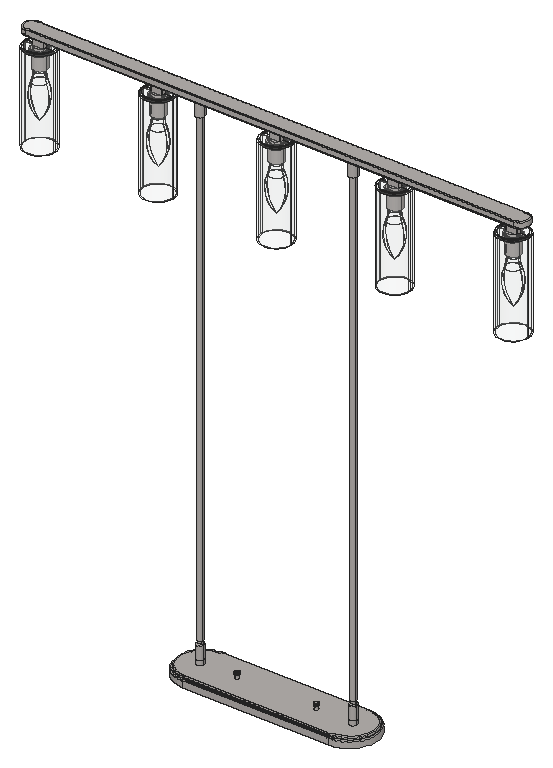
Revit family "Light_Fixture-Chandelier-KOHLER-Crue-K-35877_1", category Lighting Fixtures, host Face, Revit 2024 (continued)
Definition of nested family "K-35877_Tube"
  Automatic sketch dimensions
    curve 199 to plane 1 "Light Source Axis (F/B)" = 0.29416"
    plane 6 to curve 202 = 0.19685"
    curve 200 to curve 202 = 0.1378"
    curve 201 to curve 200 = 0.05906"
    curve 198 to curve 197 = 0.03139"
    curve 191 to plane 15 = 1.33661"
    curve 203 to plane 10 = 0"
    curve 1 to plane 8 = 0"
    curve 2 to plane 8 = 0"
    curve 3 to plane 8 = 0"
    curve 4 to plane 8 = 0"
    plane 11 to curve 203 = 0"
    curve 9 to plane 9 = 0.15464"
    plane 10 to curve 9 = 2.02756"
    curve 190 to plane 9 = 0.43405"
    plane 11 to curve 190 = 2.0374"
    curve 10 to curve 9 = 0.3077"
    curve 7 to plane 9 = 0.15464"
    plane 10 to curve 5 = 0.14003"
    curve 204 to plane 8 = 0.05906"
    curve 5 to curve 204 = 0.0548"
    curve 1 to curve 10 = 0.29528"
    plane 10 to curve 11 = 1.7815"
    curve 8 to plane 9 = 0.03937"
    curve 8 to curve 9 = 0.24606"
    curve 8 to curve 10 = 0.05906"
    curve 9 to curve 9 = 0.18701"
    curve 8 to curve 9 = 0"
    curve 11 to curve 11 = 0.49213"
    curve 1 to curve 1 = 0.59055"
    curve 1 to curve 2 = 2.85644"
    curve 2 to curve 2 = 0.28838"
    plane 3 "Light Source Axis (L/R)" to curve 3 = 3.41781"
    curve 3 to curve 3 = 0.25421"
    curve 4 to curve 190 = 0.28543"
    plane 11 to curve 205 = 2.27362"
    curve 6 to plane 9 = 0.03937"
    curve 6 to curve 7 = 0.17717"
    curve 6 to curve 190 = 0"
    curve 7 to curve 7 = 0.19685"
    curve 6 to curve 7 = 0"
    curve 205 to curve 205 = 0.49213"
    curve 4 to curve 4 = 0.59055"
    plane 11 to curve 204 = 0.19483"
    curve 204 to curve 5 = 0.03149"
    curve 5 to curve 204 = 0.1378"
    curve 203 to curve 5 = 0.05906"
    curve 11 to plane 15 = 1.33661"
    curve 205 to plane 15 = 1.33661"
    plane 6 to Sweep 1 sketch curve = 0"
    Sweep 1 sketch curve to plane 7 = 0"
    plane 10 to Sweep 1 sketch curve = 2.36255"
    plane 11 to Sweep 1 sketch curve = 2.36302"
    Sweep 1 sketch curve to profile plane = 0"
    Sweep 1 sketch curve to profile plane = 0.05906"
    Sweep 1 sketch curve to Sweep 1 sketch curve = 0.1378"  (x2)
    Sweep 1 sketch curve to Sweep 1 sketch curve = 0.05906"
    Sweep 1 sketch curve to profile plane = 0.4771"
    Sweep 1 sketch curve to level = 1.24772"
    Sweep 1 sketch curve to Sweep 1 sketch curve = 0.5315"
    plane 1 "Light Source Axis (F/B)" to Extrusion 2 sketch curve = 0"
    plane 7 to Extrusion 2 sketch curve = 0.4771"
    plane 10 to Extrusion 2 sketch curve = 2.36255"
    plane 11 to Extrusion 2 sketch curve = 2.36302"
    Revolve 3 sketch curve to plane 8 = 0"
    Revolve 3 sketch curve to level = 0.07449"
    plane 10 to Revolve 3 sketch curve = 1.73228"
    Revolve 3 sketch curve to plane 9 = 0.25708"
    Revolve 3 sketch curve to Revolve 3 sketch curve = 0"
    Revolve 3 sketch curve to Revolve 3 sketch curve = 0.04921"
    Revolve 3 sketch curve to Revolve 3 sketch curve = 0.09836"
    Revolve 3 sketch curve to Revolve 3 sketch curve = 0.19692"  (x2)
    Revolve 3 sketch curve to Revolve 3 sketch curve = 0.03139"
    Revolve 3 sketch curve to Revolve 3 sketch curve = 0.17105"
    plane 9 to Revolve 3 sketch curve = 0.16243"
    plane 1 "Light Source Axis (F/B)" to Extrusion 4 sketch curve = 0.18701"
    Extrusion 4 sketch curve to plane 1 "Light Source Axis (F/B)" = 0.18701"
    Extrusion 4 sketch curve to plane 9 = 0.4696"
    Extrusion 4 sketch curve to plane 9 = 0.10874"
    Revolve 5 sketch curve to plane 15 = 0"
    plane 10 to Revolve 5 sketch curve = 1.63386"
    Revolve 5 sketch curve to Revolve 5 sketch curve = 0.14764"
    Revolve 5 sketch curve to Revolve 5 sketch curve = 0.05433"
    Revolve 5 sketch curve to Revolve 5 sketch curve = 0.19173"  (x2)
    Revolve 5 sketch curve to plane 15 = 1.33661"
    plane 9 to Revolve 5 sketch curve = 0.11944"
    Revolve 5 sketch curve to plane 9 = 0.4696"
    plane 9 to Revolve 5 sketch curve = 0.03268"
    Revolve 5 sketch curve to plane 9 = 0.07295"
    Revolve 6 sketch curve to plane 1 "Light Source Axis (F/B)" = 0"  (x2)
    Revolve 6 sketch curve to plane 8 = 0"
    Revolve 6 sketch curve to Revolve 6 sketch curve = 0.134"
    level to Revolve 6 sketch curve = 0.01161"
    Revolve 6 sketch curve to Revolve 6 sketch curve = 0.19631"
    Revolve 6 sketch curve to plane 14 = 0.01607"
    Revolve 6 sketch curve to Revolve 6 sketch curve = 0.2849"
    plane 8 to Revolve 6 sketch curve = 0.01728"
    Revolve 6 sketch curve to level = 0.11889"
    Revolve 6 sketch curve to plane 14 = 0.11431"
    Revolve 6 sketch curve to Revolve 6 sketch curve = 0.08269"
    Extrusion 7 sketch curve to plane 1 "Light Source Axis (F/B)" = 0.19594"
    Extrusion 7 sketch curve to plane 3 "Light Source Axis (L/R)" = 3.54355"
    Extrusion 7 sketch curve to plane 1 "Light Source Axis (F/B)" = 0.16744"
    Extrusion 7 sketch curve to Extrusion 7 sketch curve = 0.01207"
    Extrusion 7 sketch curve to Extrusion 7 sketch curve = 0.02414"
    Extrusion 7 sketch curve to Extrusion 7 sketch curve = 0"
    Extrusion 7 sketch curve to Extrusion 7 sketch curve = 0.057"
    Extrusion 8 sketch curve to plane 1 "Light Source Axis (F/B)" = 0.19167"
    Extrusion 8 sketch curve to plane 3 "Light Source Axis (L/R)" = 3.48907"
    Extrusion 8 sketch curve to Extrusion 8 sketch curve = 0.01207"
    Extrusion 8 sketch curve to Extrusion 8 sketch curve = 0.02414"
    Extrusion 8 sketch curve to Extrusion 8 sketch curve = 0"
    Extrusion 8 sketch curve to Extrusion 8 sketch curve = 0.0285"
    Extrusion 8 sketch curve to Extrusion 8 sketch curve = 0.057"
    Extrusion 9 sketch curve to plane 1 "Light Source Axis (F/B)" = 0.17471"
    Extrusion 9 sketch curve to plane 3 "Light Source Axis (L/R)" = 3.44197"
    Extrusion 9 sketch curve to Extrusion 9 sketch curve = 0.01207"
    Extrusion 9 sketch curve to Extrusion 9 sketch curve = 0.02414"
    Extrusion 9 sketch curve to Extrusion 9 sketch curve = 0"
    Extrusion 9 sketch curve to Extrusion 9 sketch curve = 0.0285"
    Extrusion 9 sketch curve to Extrusion 9 sketch curve = 0.057"
    Extrusion 10 sketch curve to plane 1 "Light Source Axis (F/B)" = 0.14327"
    Extrusion 10 sketch curve to plane 3 "Light Source Axis (L/R)" = 3.39728"
    Extrusion 10 sketch curve to Extrusion 10 sketch curve = 0.01207"
    Extrusion 10 sketch curve to Extrusion 10 sketch curve = 0.02414"
    Extrusion 10 sketch curve to Extrusion 10 sketch curve = 0"
    Extrusion 10 sketch curve to Extrusion 10 sketch curve = 0.0285"
    Extrusion 10 sketch curve to Extrusion 10 sketch curve = 0.057"
    Extrusion 11 sketch curve to plane 1 "Light Source Axis (F/B)" = 0.10502"
    Extrusion 11 sketch curve to plane 3 "Light Source Axis (L/R)" = 3.36562"
    Extrusion 11 sketch curve to Extrusion 11 sketch curve = 0.01207"
    Extrusion 11 sketch curve to Extrusion 11 sketch curve = 0.02414"
    Extrusion 11 sketch curve to Extrusion 11 sketch curve = 0"
    Extrusion 11 sketch curve to Extrusion 11 sketch curve = 0.0285"
    Extrusion 11 sketch curve to Extrusion 11 sketch curve = 0.057"
    Extrusion 12 sketch curve to plane 1 "Light Source Axis (F/B)" = 0.05524"
    Extrusion 12 sketch curve to plane 3 "Light Source Axis (L/R)" = 3.3431"
    Extrusion 12 sketch curve to Extrusion 12 sketch curve = 0.01207"
    Extrusion 12 sketch curve to Extrusion 12 sketch curve = 0.02414"
    Extrusion 12 sketch curve to Extrusion 12 sketch curve = 0"
    Extrusion 12 sketch curve to Extrusion 12 sketch curve = 0.0285"
    Extrusion 12 sketch curve to Extrusion 12 sketch curve = 0.057"
    Extrusion 13 sketch curve to plane 1 "Light Source Axis (F/B)" = 0.00579"
    Extrusion 13 sketch curve to plane 3 "Light Source Axis (L/R)" = 3.33525"
    Extrusion 13 sketch curve to Extrusion 13 sketch curve = 0.01207"
    Extrusion 13 sketch curve to Extrusion 13 sketch curve = 0.02414"
    Extrusion 13 sketch curve to Extrusion 13 sketch curve = 0"
    Extrusion 13 sketch curve to Extrusion 13 sketch curve = 0.0285"
    Extrusion 13 sketch curve to Extrusion 13 sketch curve = 0.057"
    plane 1 "Light Source Axis (F/B)" to Extrusion 14 sketch curve = 0.04852"
    Extrusion 14 sketch curve to plane 3 "Light Source Axis (L/R)" = 3.34126"
    Extrusion 14 sketch curve to Extrusion 14 sketch curve = 0.01207"
    Extrusion 14 sketch curve to Extrusion 14 sketch curve = 0.02414"
    Extrusion 14 sketch curve to Extrusion 14 sketch curve = 0"
    Extrusion 14 sketch curve to Extrusion 14 sketch curve = 0.0285"
    Extrusion 14 sketch curve to Extrusion 14 sketch curve = 0.057"
    plane 1 "Light Source Axis (F/B)" to Extrusion 15 sketch curve = 0.10617"
    Extrusion 15 sketch curve to plane 3 "Light Source Axis (L/R)" = 3.36636"
    Extrusion 15 sketch curve to Extrusion 15 sketch curve = 0.01207"
    Extrusion 15 sketch curve to Extrusion 15 sketch curve = 0.02414"
    Extrusion 15 sketch curve to Extrusion 15 sketch curve = 0"
    Extrusion 15 sketch curve to Extrusion 15 sketch curve = 0.0285"
    Extrusion 15 sketch curve to Extrusion 15 sketch curve = 0.057"
    plane 1 "Light Source Axis (F/B)" to Extrusion 16 sketch curve = 0.14757"
    Extrusion 16 sketch curve to plane 3 "Light Source Axis (L/R)" = 3.40202"
    Extrusion 16 sketch curve to Extrusion 16 sketch curve = 0.01207"
    Extrusion 16 sketch curve to Extrusion 16 sketch curve = 0.02414"
    Extrusion 16 sketch curve to Extrusion 16 sketch curve = 0"
    Extrusion 16 sketch curve to Extrusion 16 sketch curve = 0.0285"
    Extrusion 16 sketch curve to Extrusion 16 sketch curve = 0.057"
    plane 1 "Light Source Axis (F/B)" to Extrusion 17 sketch curve = 0.17552"
    Extrusion 17 sketch curve to plane 3 "Light Source Axis (L/R)" = 3.44356"
    Extrusion 17 sketch curve to Extrusion 17 sketch curve = 0.01207"
    Extrusion 17 sketch curve to Extrusion 17 sketch curve = 0.02414"
    Extrusion 17 sketch curve to Extrusion 17 sketch curve = 0"
    Extrusion 17 sketch curve to Extrusion 17 sketch curve = 0.0285"
    Extrusion 17 sketch curve to Extrusion 17 sketch curve = 0.057"
    plane 1 "Light Source Axis (F/B)" to Extrusion 18 sketch curve = 0.19296"
    Extrusion 18 sketch curve to plane 3 "Light Source Axis (L/R)" = 3.49535"
    Extrusion 18 sketch curve to Extrusion 18 sketch curve = 0.01207"
    Extrusion 18 sketch curve to Extrusion 18 sketch curve = 0.02414"
    Extrusion 18 sketch curve to Extrusion 18 sketch curve = 0"
    Extrusion 18 sketch curve to Extrusion 18 sketch curve = 0.0285"
    Extrusion 18 sketch curve to Extrusion 18 sketch curve = 0.057"
    plane 1 "Light Source Axis (F/B)" to Extrusion 19 sketch curve = 0.19585"
    Extrusion 19 sketch curve to plane 3 "Light Source Axis (L/R)" = 3.54491"
    Extrusion 19 sketch curve to Extrusion 19 sketch curve = 0.01207"
    Extrusion 19 sketch curve to Extrusion 19 sketch curve = 0.02414"
    Extrusion 19 sketch curve to Extrusion 19 sketch curve = 0"
    Extrusion 19 sketch curve to Extrusion 19 sketch curve = 0.0285"
    Extrusion 19 sketch curve to Extrusion 19 sketch curve = 0.057"
    plane 1 "Light Source Axis (F/B)" to Extrusion 20 sketch curve = 0.18456"
    Extrusion 20 sketch curve to plane 3 "Light Source Axis (L/R)" = 3.59838"
    Extrusion 20 sketch curve to Extrusion 20 sketch curve = 0.01207"
    Extrusion 20 sketch curve to Extrusion 20 sketch curve = 0.02414"
    Extrusion 20 sketch curve to Extrusion 20 sketch curve = 0"
    Extrusion 20 sketch curve to Extrusion 20 sketch curve = 0.0285"
    Extrusion 20 sketch curve to Extrusion 20 sketch curve = 0.057"
    plane 1 "Light Source Axis (F/B)" to Extrusion 21 sketch curve = 0.16164"
    Extrusion 21 sketch curve to plane 3 "Light Source Axis (L/R)" = 3.64288"
    Extrusion 21 sketch curve to Extrusion 21 sketch curve = 0.01207"
    Extrusion 21 sketch curve to Extrusion 21 sketch curve = 0.02414"
    Extrusion 21 sketch curve to Extrusion 21 sketch curve = 0"
    Extrusion 21 sketch curve to Extrusion 21 sketch curve = 0.0285"
    Extrusion 21 sketch curve to Extrusion 21 sketch curve = 0.057"
    plane 1 "Light Source Axis (F/B)" to Extrusion 22 sketch curve = 0.12467"
    Extrusion 22 sketch curve to plane 3 "Light Source Axis (L/R)" = 3.68312"
    Extrusion 22 sketch curve to Extrusion 22 sketch curve = 0.01207"
    Extrusion 22 sketch curve to Extrusion 22 sketch curve = 0.02414"
    Extrusion 22 sketch curve to Extrusion 22 sketch curve = 0"
    Extrusion 22 sketch curve to Extrusion 22 sketch curve = 0.0285"
    Extrusion 22 sketch curve to Extrusion 22 sketch curve = 0.057"
    plane 1 "Light Source Axis (F/B)" to Extrusion 23 sketch curve = 0.08312"
    Extrusion 23 sketch curve to plane 3 "Light Source Axis (L/R)" = 3.70932"
    Extrusion 23 sketch curve to Extrusion 23 sketch curve = 0.01207"
    Extrusion 23 sketch curve to Extrusion 23 sketch curve = 0.02414"
    Extrusion 23 sketch curve to Extrusion 23 sketch curve = 0"
    Extrusion 23 sketch curve to Extrusion 23 sketch curve = 0.0285"
    Extrusion 23 sketch curve to Extrusion 23 sketch curve = 0.057"
    plane 1 "Light Source Axis (F/B)" to Extrusion 24 sketch curve = 0.03088"
    Extrusion 24 sketch curve to plane 3 "Light Source Axis (L/R)" = 3.72534"
    Extrusion 24 sketch curve to Extrusion 24 sketch curve = 0.01207"
    Extrusion 24 sketch curve to Extrusion 24 sketch curve = 0.02414"
    Extrusion 24 sketch curve to Extrusion 24 sketch curve = 0"
    Extrusion 24 sketch curve to Extrusion 24 sketch curve = 0.0285"
    Extrusion 24 sketch curve to Extrusion 24 sketch curve = 0.057"
    Extrusion 25 sketch curve to plane 1 "Light Source Axis (F/B)" = 0.01917"
    Extrusion 25 sketch curve to plane 3 "Light Source Axis (L/R)" = 3.72685"
    Extrusion 25 sketch curve to Extrusion 25 sketch curve = 0.01207"
    Extrusion 25 sketch curve to Extrusion 25 sketch curve = 0.02414"
    Extrusion 25 sketch curve to Extrusion 25 sketch curve = 0"
    Extrusion 25 sketch curve to Extrusion 25 sketch curve = 0.0285"
    Extrusion 25 sketch curve to Extrusion 25 sketch curve = 0.057"
    Extrusion 26 sketch curve to plane 1 "Light Source Axis (F/B)" = 0.07228"
    Extrusion 26 sketch curve to plane 3 "Light Source Axis (L/R)" = 3.714"
    Extrusion 26 sketch curve to Extrusion 26 sketch curve = 0.01207"
    Extrusion 26 sketch curve to Extrusion 26 sketch curve = 0.02414"
    Extrusion 26 sketch curve to Extrusion 26 sketch curve = 0"
    Extrusion 26 sketch curve to Extrusion 26 sketch curve = 0.0285"
    Extrusion 26 sketch curve to Extrusion 26 sketch curve = 0.057"
    Extrusion 27 sketch curve to plane 1 "Light Source Axis (F/B)" = 0.11576"
    Extrusion 27 sketch curve to plane 3 "Light Source Axis (L/R)" = 3.69003"
    Extrusion 27 sketch curve to Extrusion 27 sketch curve = 0.01207"
    Extrusion 27 sketch curve to Extrusion 27 sketch curve = 0.02414"
    Extrusion 27 sketch curve to Extrusion 27 sketch curve = 0"
    Extrusion 27 sketch curve to Extrusion 27 sketch curve = 0.0285"
    Extrusion 27 sketch curve to Extrusion 27 sketch curve = 0.057"
    Extrusion 28 sketch curve to plane 1 "Light Source Axis (F/B)" = 0.15497"
    Extrusion 28 sketch curve to plane 3 "Light Source Axis (L/R)" = 3.65198"
    Extrusion 28 sketch curve to Extrusion 28 sketch curve = 0.01207"
    Extrusion 28 sketch curve to Extrusion 28 sketch curve = 0.02414"
    Extrusion 28 sketch curve to Extrusion 28 sketch curve = 0"
    Extrusion 28 sketch curve to Extrusion 28 sketch curve = 0.0285"
    Extrusion 28 sketch curve to Extrusion 28 sketch curve = 0.057"
    Extrusion 29 sketch curve to plane 1 "Light Source Axis (F/B)" = 0.18042"
    Extrusion 29 sketch curve to plane 3 "Light Source Axis (L/R)" = 3.60886"
    Extrusion 29 sketch curve to Extrusion 29 sketch curve = 0.01207"
    Extrusion 29 sketch curve to Extrusion 29 sketch curve = 0.02414"
    Extrusion 29 sketch curve to Extrusion 29 sketch curve = 0"
    Extrusion 29 sketch curve to Extrusion 29 sketch curve = 0.0285"
    Extrusion 29 sketch curve to Extrusion 29 sketch curve = 0.057"
    Revolve 30 sketch curve to plane 8 = 0"
    Revolve 30 sketch curve to level = 0.07449"
    plane 11 to Revolve 30 sketch curve = 1.73228"
    Revolve 30 sketch curve to plane 9 = 0.25708"
    Revolve 30 sketch curve to Revolve 30 sketch curve = 0"
    Revolve 30 sketch curve to Revolve 30 sketch curve = 0.04921"
    Revolve 30 sketch curve to Revolve 30 sketch curve = 0.09836"
    Revolve 30 sketch curve to Revolve 30 sketch curve = 0.19692"  (x2)
    Revolve 30 sketch curve to Revolve 30 sketch curve = 0.03139"
    plane 9 to Revolve 30 sketch curve = 0.16243"
    Revolve 30 sketch curve to Revolve 30 sketch curve = 0.17105"
    Revolve 31 sketch curve to plane 15 = 0"
    plane 11 to Revolve 31 sketch curve = 1.63386"
    Revolve 31 sketch curve to Revolve 31 sketch curve = 0.14764"
    Revolve 31 sketch curve to Revolve 31 sketch curve = 0.05433"
    Revolve 31 sketch curve to Revolve 31 sketch curve = 0.19173"  (x2)
    Revolve 31 sketch curve to Revolve 31 sketch curve = 1.33661"
    plane 9 to Revolve 31 sketch curve = 0.11944"
    Revolve 31 sketch curve to plane 9 = 0.4696"
    plane 9 to Revolve 31 sketch curve = 0.03268"
    Revolve 31 sketch curve to plane 9 = 0.07295"
    Revolve 32 sketch curve to plane 1 "Light Source Axis (F/B)" = 0"  (x2)
    Revolve 32 sketch curve to plane 8 = 0"
    Revolve 32 sketch curve to Revolve 32 sketch curve = 0.134"
    level to Revolve 32 sketch curve = 0.01161"
    Revolve 32 sketch curve to Revolve 32 sketch curve = 0.19631"
    Revolve 32 sketch curve to plane 14 = 0.01607"
    Revolve 32 sketch curve to Revolve 32 sketch curve = 0.2849"
    Revolve 32 sketch curve to level = 0.11889"
    plane 8 to Revolve 32 sketch curve = 0.01728"
    Revolve 32 sketch curve to Revolve 32 sketch curve = 0.08269"
    Revolve 32 sketch curve to plane 14 = 0.11431"
    Extrusion 33 sketch curve to plane 1 "Light Source Axis (F/B)" = 0.19594"
    plane 3 "Light Source Axis (L/R)" to Extrusion 33 sketch curve = 3.54355"
    Extrusion 33 sketch curve to plane 1 "Light Source Axis (F/B)" = 0.16744"
    Extrusion 33 sketch curve to Extrusion 33 sketch curve = 0.01207"
    Extrusion 33 sketch curve to Extrusion 33 sketch curve = 0.02414"
    Extrusion 33 sketch curve to Extrusion 33 sketch curve = 0.057"
    Extrusion 33 sketch curve to Extrusion 33 sketch curve = 0"
    Extrusion 34 sketch curve to plane 1 "Light Source Axis (F/B)" = 0.19167"
    plane 3 "Light Source Axis (L/R)" to Extrusion 34 sketch curve = 3.48907"
    Extrusion 34 sketch curve to Extrusion 34 sketch curve = 0.01207"
    Extrusion 34 sketch curve to Extrusion 34 sketch curve = 0.02414"
    Extrusion 34 sketch curve to Extrusion 34 sketch curve = 0.057"
    Extrusion 34 sketch curve to Extrusion 34 sketch curve = 0"
    Extrusion 34 sketch curve to Extrusion 34 sketch curve = 0.0285"
    Extrusion 35 sketch curve to plane 1 "Light Source Axis (F/B)" = 0.17471"
    plane 3 "Light Source Axis (L/R)" to Extrusion 35 sketch curve = 3.44197"
    Extrusion 35 sketch curve to Extrusion 35 sketch curve = 0.01207"
    Extrusion 35 sketch curve to Extrusion 35 sketch curve = 0.02414"
    Extrusion 35 sketch curve to Extrusion 35 sketch curve = 0.057"
    Extrusion 35 sketch curve to Extrusion 35 sketch curve = 0"
    Extrusion 35 sketch curve to Extrusion 35 sketch curve = 0.0285"
    Extrusion 36 sketch curve to plane 1 "Light Source Axis (F/B)" = 0.14327"
    plane 3 "Light Source Axis (L/R)" to Extrusion 36 sketch curve = 3.39728"
    Extrusion 36 sketch curve to Extrusion 36 sketch curve = 0.01207"
    Extrusion 36 sketch curve to Extrusion 36 sketch curve = 0.02414"
    Extrusion 36 sketch curve to Extrusion 36 sketch curve = 0.057"
    Extrusion 36 sketch curve to Extrusion 36 sketch curve = 0"
    Extrusion 36 sketch curve to Extrusion 36 sketch curve = 0.0285"
    Extrusion 37 sketch curve to plane 1 "Light Source Axis (F/B)" = 0.10502"
    plane 3 "Light Source Axis (L/R)" to Extrusion 37 sketch curve = 3.36562"
    Extrusion 37 sketch curve to Extrusion 37 sketch curve = 0.01207"
    Extrusion 37 sketch curve to Extrusion 37 sketch curve = 0.02414"
    Extrusion 37 sketch curve to Extrusion 37 sketch curve = 0.057"
    Extrusion 37 sketch curve to Extrusion 37 sketch curve = 0"
    Extrusion 37 sketch curve to Extrusion 37 sketch curve = 0.0285"
    Extrusion 38 sketch curve to plane 1 "Light Source Axis (F/B)" = 0.05524"
    plane 3 "Light Source Axis (L/R)" to Extrusion 38 sketch curve = 3.3431"
    Extrusion 38 sketch curve to Extrusion 38 sketch curve = 0.01207"
    Extrusion 38 sketch curve to Extrusion 38 sketch curve = 0.02414"
    Extrusion 38 sketch curve to Extrusion 38 sketch curve = 0.057"
    Extrusion 38 sketch curve to Extrusion 38 sketch curve = 0"
    Extrusion 38 sketch curve to Extrusion 38 sketch curve = 0.0285"
    Extrusion 39 sketch curve to plane 1 "Light Source Axis (F/B)" = 0.00579"
    plane 3 "Light Source Axis (L/R)" to Extrusion 39 sketch curve = 3.33525"
    Extrusion 39 sketch curve to Extrusion 39 sketch curve = 0.01207"
    Extrusion 39 sketch curve to Extrusion 39 sketch curve = 0.02414"
    Extrusion 39 sketch curve to Extrusion 39 sketch curve = 0.057"
    Extrusion 39 sketch curve to Extrusion 39 sketch curve = 0"
    Extrusion 39 sketch curve to Extrusion 39 sketch curve = 0.0285"
    plane 1 "Light Source Axis (F/B)" to Extrusion 40 sketch curve = 0.04852"
    plane 3 "Light Source Axis (L/R)" to Extrusion 40 sketch curve = 3.34126"
    Extrusion 40 sketch curve to Extrusion 40 sketch curve = 0.01207"
    Extrusion 40 sketch curve to Extrusion 40 sketch curve = 0.02414"
    Extrusion 40 sketch curve to Extrusion 40 sketch curve = 0.057"
    Extrusion 40 sketch curve to Extrusion 40 sketch curve = 0"
    Extrusion 40 sketch curve to Extrusion 40 sketch curve = 0.0285"
    plane 1 "Light Source Axis (F/B)" to Extrusion 41 sketch curve = 0.10617"
    plane 3 "Light Source Axis (L/R)" to Extrusion 41 sketch curve = 3.36636"
    Extrusion 41 sketch curve to Extrusion 41 sketch curve = 0.01207"
    Extrusion 41 sketch curve to Extrusion 41 sketch curve = 0.02414"
    Extrusion 41 sketch curve to Extrusion 41 sketch curve = 0.057"
    Extrusion 41 sketch curve to Extrusion 41 sketch curve = 0"
    Extrusion 41 sketch curve to Extrusion 41 sketch curve = 0.0285"
    plane 1 "Light Source Axis (F/B)" to Extrusion 42 sketch curve = 0.14757"
    plane 3 "Light Source Axis (L/R)" to Extrusion 42 sketch curve = 3.40202"
    Extrusion 42 sketch curve to Extrusion 42 sketch curve = 0.01207"
    Extrusion 42 sketch curve to Extrusion 42 sketch curve = 0.02414"
    Extrusion 42 sketch curve to Extrusion 42 sketch curve = 0.057"
    Extrusion 42 sketch curve to Extrusion 42 sketch curve = 0"
    Extrusion 42 sketch curve to Extrusion 42 sketch curve = 0.0285"
    plane 1 "Light Source Axis (F/B)" to Extrusion 43 sketch curve = 0.17552"
    plane 3 "Light Source Axis (L/R)" to Extrusion 43 sketch curve = 3.44356"
    Extrusion 43 sketch curve to Extrusion 43 sketch curve = 0.01207"
    Extrusion 43 sketch curve to Extrusion 43 sketch curve = 0.02414"
    Extrusion 43 sketch curve to Extrusion 43 sketch curve = 0.057"
    Extrusion 43 sketch curve to Extrusion 43 sketch curve = 0"
    Extrusion 43 sketch curve to Extrusion 43 sketch curve = 0.0285"
    plane 1 "Light Source Axis (F/B)" to Extrusion 44 sketch curve = 0.19296"
    plane 3 "Light Source Axis (L/R)" to Extrusion 44 sketch curve = 3.49535"
    Extrusion 44 sketch curve to Extrusion 44 sketch curve = 0.01207"
    Extrusion 44 sketch curve to Extrusion 44 sketch curve = 0.02414"
    Extrusion 44 sketch curve to Extrusion 44 sketch curve = 0.057"
    Extrusion 44 sketch curve to Extrusion 44 sketch curve = 0"
    Extrusion 44 sketch curve to Extrusion 44 sketch curve = 0.0285"
    plane 1 "Light Source Axis (F/B)" to Extrusion 45 sketch curve = 0.19585"
    plane 3 "Light Source Axis (L/R)" to Extrusion 45 sketch curve = 3.54491"
    Extrusion 45 sketch curve to Extrusion 45 sketch curve = 0.01207"
    Extrusion 45 sketch curve to Extrusion 45 sketch curve = 0.02414"
    Extrusion 45 sketch curve to Extrusion 45 sketch curve = 0.057"
    Extrusion 45 sketch curve to Extrusion 45 sketch curve = 0"
    Extrusion 45 sketch curve to Extrusion 45 sketch curve = 0.0285"
    plane 1 "Light Source Axis (F/B)" to Extrusion 46 sketch curve = 0.18456"
    plane 3 "Light Source Axis (L/R)" to Extrusion 46 sketch curve = 3.59838"
    Extrusion 46 sketch curve to Extrusion 46 sketch curve = 0.01207"
    Extrusion 46 sketch curve to Extrusion 46 sketch curve = 0.02414"
    Extrusion 46 sketch curve to Extrusion 46 sketch curve = 0.057"
    Extrusion 46 sketch curve to Extrusion 46 sketch curve = 0"
    Extrusion 46 sketch curve to Extrusion 46 sketch curve = 0.0285"
    plane 1 "Light Source Axis (F/B)" to Extrusion 47 sketch curve = 0.16164"
    plane 3 "Light Source Axis (L/R)" to Extrusion 47 sketch curve = 3.64288"
    Extrusion 47 sketch curve to Extrusion 47 sketch curve = 0.01207"
    Extrusion 47 sketch curve to Extrusion 47 sketch curve = 0.02414"
    Extrusion 47 sketch curve to Extrusion 47 sketch curve = 0.057"
    Extrusion 47 sketch curve to Extrusion 47 sketch curve = 0"
    Extrusion 47 sketch curve to Extrusion 47 sketch curve = 0.0285"
    plane 1 "Light Source Axis (F/B)" to Extrusion 48 sketch curve = 0.12467"
    plane 3 "Light Source Axis (L/R)" to Extrusion 48 sketch curve = 3.68312"
    Extrusion 48 sketch curve to Extrusion 48 sketch curve = 0.01207"
    Extrusion 48 sketch curve to Extrusion 48 sketch curve = 0.02414"
    Extrusion 48 sketch curve to Extrusion 48 sketch curve = 0.057"
    Extrusion 48 sketch curve to Extrusion 48 sketch curve = 0"
    Extrusion 48 sketch curve to Extrusion 48 sketch curve = 0.0285"
    plane 1 "Light Source Axis (F/B)" to Extrusion 49 sketch curve = 0.08312"
    plane 3 "Light Source Axis (L/R)" to Extrusion 49 sketch curve = 3.70932"
    Extrusion 49 sketch curve to Extrusion 49 sketch curve = 0.01207"
    Extrusion 49 sketch curve to Extrusion 49 sketch curve = 0.02414"
    Extrusion 49 sketch curve to Extrusion 49 sketch curve = 0.057"
    Extrusion 49 sketch curve to Extrusion 49 sketch curve = 0"
    Extrusion 49 sketch curve to Extrusion 49 sketch curve = 0.0285"
    plane 1 "Light Source Axis (F/B)" to Extrusion 50 sketch curve = 0.03088"
    plane 3 "Light Source Axis (L/R)" to Extrusion 50 sketch curve = 3.72534"
    Extrusion 50 sketch curve to Extrusion 50 sketch curve = 0.01207"
    Extrusion 50 sketch curve to Extrusion 50 sketch curve = 0.02414"
    Extrusion 50 sketch curve to Extrusion 50 sketch curve = 0.057"
    Extrusion 50 sketch curve to Extrusion 50 sketch curve = 0"
    Extrusion 50 sketch curve to Extrusion 50 sketch curve = 0.0285"
    Extrusion 51 sketch curve to plane 1 "Light Source Axis (F/B)" = 0.01917"
    plane 3 "Light Source Axis (L/R)" to Extrusion 51 sketch curve = 3.72685"
    Extrusion 51 sketch curve to Extrusion 51 sketch curve = 0.01207"
    Extrusion 51 sketch curve to Extrusion 51 sketch curve = 0.02414"
    Extrusion 51 sketch curve to Extrusion 51 sketch curve = 0.057"
    Extrusion 51 sketch curve to Extrusion 51 sketch curve = 0"
    Extrusion 51 sketch curve to Extrusion 51 sketch curve = 0.0285"
    Extrusion 52 sketch curve to plane 1 "Light Source Axis (F/B)" = 0.07228"
    plane 3 "Light Source Axis (L/R)" to Extrusion 52 sketch curve = 3.714"
    Extrusion 52 sketch curve to Extrusion 52 sketch curve = 0.01207"
    Extrusion 52 sketch curve to Extrusion 52 sketch curve = 0.02414"
    Extrusion 52 sketch curve to Extrusion 52 sketch curve = 0.057"
    Extrusion 52 sketch curve to Extrusion 52 sketch curve = 0"
    Extrusion 52 sketch curve to Extrusion 52 sketch curve = 0.0285"
    Extrusion 53 sketch curve to plane 1 "Light Source Axis (F/B)" = 0.11576"
    plane 3 "Light Source Axis (L/R)" to Extrusion 53 sketch curve = 3.69003"
    Extrusion 53 sketch curve to Extrusion 53 sketch curve = 0.01207"
    Extrusion 53 sketch curve to Extrusion 53 sketch curve = 0.02414"
    Extrusion 53 sketch curve to Extrusion 53 sketch curve = 0.057"
    Extrusion 53 sketch curve to Extrusion 53 sketch curve = 0"
    Extrusion 53 sketch curve to Extrusion 53 sketch curve = 0.0285"
    Extrusion 54 sketch curve to plane 1 "Light Source Axis (F/B)" = 0.15497"
    plane 3 "Light Source Axis (L/R)" to Extrusion 54 sketch curve = 3.65198"
    Extrusion 54 sketch curve to Extrusion 54 sketch curve = 0.01207"
    Extrusion 54 sketch curve to Extrusion 54 sketch curve = 0.02414"
    Extrusion 54 sketch curve to Extrusion 54 sketch curve = 0.057"
    Extrusion 54 sketch curve to Extrusion 54 sketch curve = 0"
    Extrusion 54 sketch curve to Extrusion 54 sketch curve = 0.0285"
    Extrusion 55 sketch curve to plane 1 "Light Source Axis (F/B)" = 0.18042"
    plane 3 "Light Source Axis (L/R)" to Extrusion 55 sketch curve = 3.60886"
    Extrusion 55 sketch curve to Extrusion 55 sketch curve = 0.01207"
    Extrusion 55 sketch curve to Extrusion 55 sketch curve = 0.02414"
    Extrusion 55 sketch curve to Extrusion 55 sketch curve = 0.057"
    Extrusion 55 sketch curve to Extrusion 55 sketch curve = 0"
    Extrusion 55 sketch curve to Extrusion 55 sketch curve = 0.0285"
    plane 1 "Light Source Axis (F/B)" to Extrusion 56 sketch curve = 0.18701"
    Extrusion 56 sketch curve to plane 1 "Light Source Axis (F/B)" = 0.18701"
    Extrusion 56 sketch curve to plane 9 = 0.10874"
    Extrusion 56 sketch curve to Extrusion 56 sketch curve = 0.36085"
    Masking region 1 sketch curve to plane 5 = 0"
    Masking region 1 sketch curve to plane 10 = 0"
    Masking region 1 sketch curve to plane 8 = 0"  (x5)
    Masking region 1 sketch curve to plane 15 = 0"  (x2)
    Masking region 1 sketch curve to plane 3 "Light Source Axis (L/R)" = 0"
    plane 11 to Masking region 1 sketch curve = 0"
    Masking region 1 sketch curve to Masking region 1 sketch curve = 0.05906"  (x4)
    Masking region 1 sketch curve to Masking region 1 sketch curve = 0.13577"
    plane 10 to Masking region 1 sketch curve = 1.63386"
    Masking region 1 sketch curve to Masking region 1 sketch curve = 1.4784"
    Masking region 1 sketch curve to Masking region 1 sketch curve = 0.14764"  (x3)
    Masking region 1 sketch curve to Masking region 1 sketch curve = 0.06677"  (x2)
    Masking region 1 sketch curve to Masking region 1 sketch curve = 0.06665"  (x2)
    Masking region 1 sketch curve to Masking region 1 sketch curve = 0.33076"
    Masking region 1 sketch curve to Masking region 1 sketch curve = 0.01811"
    Masking region 1 sketch curve to Masking region 1 sketch curve = 0.49213"  (x2)
    Masking region 1 sketch curve to Masking region 1 sketch curve = 0.12637"
    Masking region 1 sketch curve to plane 14 = 0.00607"  (x4)
    Masking region 1 sketch curve to Masking region 1 sketch curve = 2.48213"
    Masking region 1 sketch curve to level = 0.12299"  (x2)
    Masking region 1 sketch curve to Masking region 1 sketch curve = 0.31268"  (x4)
    Masking region 1 sketch curve to level = 0.01969"  (x2)
    Masking region 1 sketch curve to Masking region 1 sketch curve = 0.0313"  (x3)
    Masking region 1 sketch curve to Masking region 1 sketch curve = 0.06163"
    Masking region 1 sketch curve to Masking region 1 sketch curve = 0.01256"
    Masking region 1 sketch curve to Masking region 1 sketch curve = 0.16441"  (x4)
    Masking region 1 sketch curve to Masking region 1 sketch curve = 0.24863"
    Masking region 1 sketch curve to Masking region 1 sketch curve = 0.00349"  (x2)
    Masking region 1 sketch curve to plane 3 "Light Source Axis (L/R)" = 0.00023"
    plane 3 "Light Source Axis (L/R)" to Masking region 1 sketch curve = 3.03652"
    plane 8 to Masking region 1 sketch curve = 0.01692"  (x2)
    Masking region 1 sketch curve to Masking region 1 sketch curve = 0.06512"
    level to Masking region 1 sketch curve = 0.01161"
    plane 8 to Masking region 1 sketch curve = 0.02002"
    Masking region 1 sketch curve to Masking region 1 sketch curve = 0.25396"
    Masking region 1 sketch curve to Masking region 1 sketch curve = 0.00025"
    plane 11 to Masking region 1 sketch curve = 2.42126"
    Masking region 1 sketch curve to plane 9 = 0.4696"  (x2)
    plane 11 to Masking region 1 sketch curve = 2.32283"
    Masking region 1 sketch curve to Masking region 1 sketch curve = 0.0415"
    Masking region 1 sketch curve to Masking region 1 sketch curve = 0.32723"
    Masking region 1 sketch curve to plane 9 = 0.03937"  (x4)
    Masking region 1 sketch curve to Masking region 1 sketch curve = 0.02164"
    Masking region 1 sketch curve to Masking region 1 sketch curve = 0.1299"
    Masking region 1 sketch curve to Masking region 1 sketch curve = 0.7874"
    plane 11 to Masking region 1 sketch curve = 0.25388"
    Masking region 1 sketch curve to Masking region 1 sketch curve = 0.03149"
    plane 11 to Masking region 1 sketch curve = 0.05906"
    Masking region 1 sketch curve to Masking region 1 sketch curve = 0.19685"
    Masking region 1 sketch curve to plane 8 = 0.25591"
    plane 8 to Masking region 1 sketch curve = 0.02137"
    Masking region 1 sketch curve to Masking region 1 sketch curve = 0.10329"  (x2)
    Masking region 1 sketch curve to Masking region 1 sketch curve = 0.24336"
    Masking region 1 sketch curve to Masking region 1 sketch curve = 0.18989"  (x2)
    Masking region 1 sketch curve to plane 9 = 0.27971"
    Masking region 1 sketch curve to plane 15 = 1.33661"  (x2)
    Masking region 1 sketch curve to Masking region 1 sketch curve = 0"  (x2)
    curve 101 to level = 0"
    curve 104 to level = 0.13036"
    plane 3 "Light Source Axis (L/R)" to curve 104 = 3.72938"
    curve 108 to curve 121 = 0.01259"
    curve 121 to curve 105 = 0.00308"
    curve 105 to curve 107 = 0.00949"
    curve 105 to curve 106 = 0.01581"
    curve 115 to curve 122 = 0.00308"
    curve 117 to curve 108 = 0.00758"
    curve 122 to curve 112 = 0.00758"
    curve 108 to curve 123 = 0.00379"
    curve 112 to curve 116 = 0.00501"
    curve 116 to curve 110 = 0.00039"
    curve 116 to curve 114 = 0.00039"
    curve 110 to curve 128 = 0.00606"
    curve 139 to curve 113 = 0.01666"
    curve 128 to curve 109 = 0.01666"
    curve 113 to curve 127 = 0.00133"
    curve 113 to curve 119 = 0.00643"
    curve 109 to curve 117 = 0.00643"
    curve 117 to curve 131 = 0.00119"
    curve 131 to curve 139 = 0.0056"
    curve 131 to curve 137 = 0.0056"
    curve 137 to curve 125 = 0.0088"
    curve 139 to curve 142 = 0.0088"
    curve 142 to curve 129 = 0.00414"
    curve 142 to curve 132 = 0.0084"
    curve 132 to curve 118 = 0.00413"
    curve 132 to curve 120 = 0.00413"
    curve 120 to curve 140 = 0.00289"
    curve 118 to curve 130 = 0.00289"
    curve 130 to curve 111 = 0.00088"
    curve 140 to curve 115 = 0.00088"
    curve 111 to curve 126 = 0.01902"
    curve 140 to curve 141 = 0.0199"
    curve 126 to curve 133 = 0.00349"
    curve 125 to curve 138 = 0.00101"
    curve 133 to curve 143 = 0.00101"
    curve 143 to curve 134 = 0.00182"
    curve 144 to curve 188 = 0.01544"
    curve 134 to curve 167 = 0.02982"
    curve 167 to curve 135 = 0.00286"
    curve 138 to curve 136 = 0.00401"
    curve 136 to curve 144 = 0.0059"
    curve 144 to curve 187 = 0.01969"
    curve 187 to curve 179 = 0.0059"
    curve 188 to curve 178 = 0.00401"
    curve 178 to curve 189 = 0.00053"
    curve 189 to curve 124 = 0.00233"
    curve 178 to curve 145 = 0.01724"
    curve 124 to curve 177 = 0.02982"
    curve 187 to curve 186 = 0.00182"
    curve 177 to curve 181 = 0.00182"
    curve 186 to curve 176 = 0.00101"
    curve 176 to curve 184 = 0.00349"
    curve 168 to curve 169 = 0.00349"
    curve 184 to curve 158 = 0.01902"
    curve 169 to curve 154 = 0.01902"
    curve 158 to curve 183 = 0.00088"
    curve 154 to curve 173 = 0.00088"
    curve 183 to curve 163 = 0.00289"
    curve 173 to curve 161 = 0.00289"
    curve 161 to curve 175 = 0.00413"
    curve 175 to curve 172 = 0.00426"
    curve 169 to curve 168 = 0.0084"
    curve 184 to curve 185 = 0.0084"
    curve 168 to curve 180 = 0.0088"
    curve 185 to curve 182 = 0.0088"
    curve 180 to curve 174 = 0.0056"
    curve 183 to curve 162 = 0.00119"
    curve 173 to curve 160 = 0.00119"
    curve 172 to curve 170 = 0.02483"
    curve 174 to curve 156 = 0.00762"
    curve 174 to curve 152 = 0.00762"
    curve 152 to curve 171 = 0.01666"
    curve 171 to curve 153 = 0.00606"
    curve 171 to curve 157 = 0.00606"
    curve 157 to curve 159 = 0.00039"
    curve 159 to curve 166 = 0.00121"
    curve 166 to curve 151 = 0.00379"
    curve 163 to curve 155 = 0.00501"
    curve 155 to curve 165 = 0.00758"
    curve 165 to curve 149 = 0.00308"
    curve 154 to curve 150 = 0.00632"
    curve 149 to curve 148 = 0.01581"
    curve 148 to curve 164 = 0.00308"
    curve 164 to curve 147 = 0.01259"
    curve 147 to curve 146 = 0.0099"
    curve 129 to level = 0.00353"
    curve 172 to level = 0.00353"
    curve 127 to level = 0.005"
    curve 170 to level = 0.005"
    curve 103 to level = 0.01575"
    curve 126 to level = 0.02839"
    curve 169 to level = 0.02839"
    curve 126 to curve 130 = 0.00287"
    curve 169 to curve 173 = 0.00287"
    curve 126 to curve 133 = 0.00361"
    curve 169 to curve 176 = 0.00361"
    curve 173 to curve 175 = 0.00113"
    curve 130 to curve 132 = 0.00113"
    curve 135 to level = 0.03241"
    curve 189 to level = 0.03241"
    curve 178 to curve 189 = 0"
    curve 132 to curve 125 = 0.00011"
    curve 169 to curve 168 = 0.00011"
    curve 137 to curve 123 = 0.00081"
    curve 171 to curve 159 = 0.00081"
    curve 165 to curve 159 = 0"
    curve 166 to curve 159 = 0"
    curve 122 to curve 123 = 0"
    curve 173 to curve 154 = 0.00196"
    curve 121 to curve 108 = 0"
    curve 153 to curve 161 = 0"
    curve 105 to curve 121 = 0"  (x2)
    curve 152 to curve 174 = 0.00082"
    curve 116 to curve 110 = 0"
    curve 106 to curve 117 = 0"
    curve 147 to curve 164 = 0"
    curve 138 to curve 136 = 0.00104"
    curve 181 to curve 179 = 0.00104"
    curve 189 to curve 124 = 0.00244"
    curve 135 to curve 167 = 0.00244"
    curve 154 to curve 150 = 0.0024"
    curve 106 to curve 107 = 0.0024"
    curve 166 to curve 151 = 0.00716"
    curve 131 to curve 117 = 0.00634"
    curve 173 to curve 160 = 0.00634"
    curve 123 to curve 108 = 0.00716"
    curve 151 to curve 103 = 0.08789"
    curve 103 to curve 155 = 0.00209"
    curve 112 to curve 112 = 0.00716"
    curve 162 to curve 155 = 0"
    curve 119 to curve 112 = 0"
    curve 162 to curve 174 = 0.00631"
    curve 119 to curve 131 = 0.00631"
    curve 155 to curve 149 = 0.00716"
    curve 131 to curve 115 = 0.00085"
    curve 148 to curve 149 = 0"
    curve 121 to curve 112 = 0"
    curve 103 to curve 147 = 0.00925"
    curve 165 to curve 158 = 0"
    curve 122 to curve 115 = 0"
    curve 164 to curve 148 = 0"
    curve 116 to curve 114 = 0"
    curve 159 to curve 157 = 0"
    curve 158 to curve 145 = 0.00079"
    curve 179 to curve 145 = 0"
    curve 115 to curve 140 = 0.00193"
    curve 158 to curve 183 = 0.00193"
    curve 131 to curve 139 = 0.00454"
    curve 188 to curve 134 = 0.0029"
    curve 179 to curve 187 = 0.0029"
    curve 174 to curve 182 = 0.00454"
    curve 182 to curve 185 = 0.0057"
    curve 139 to curve 142 = 0.0057"
    curve 134 to curve 143 = 0.00579"
    curve 188 to curve 178 = 0.00869"
    curve 185 to curve 175 = 0.00011"
    curve 142 to curve 132 = 0.00011"
    curve 143 to curve 133 = 0.0004"
    curve 186 to curve 176 = 0.0004"
    curve 176 to curve 184 = 0.00361"
    curve 142 to curve 141 = 0.00361"
    curve 102 to level = 0.01575"
    curve 102 to curve 123 = 0.0099"
    curve 101 to curve 108 = 0.01514"
    curve 123 to level = 0.00351"
    curve 150 to level = 0.00351"
    curve 166 to curve 101 = 0.00506"
    curve 134 to curve 138 = 0"
    curve 102 to curve 112 = 0.00971"
    Masking region 2 sketch curve to plane 7 = 0"
    Masking region 2 sketch curve to plane 8 = 0"  (x2)
    Masking region 2 sketch curve to plane 15 = 0"
    Masking region 2 sketch curve to plane 1 "Light Source Axis (F/B)" = 0"  (x2)
    Masking region 2 sketch curve to plane 5 = 0"
    Masking region 2 sketch curve to plane 6 = 0"
    Masking region 2 sketch curve to Masking region 2 sketch curve = 0.05906"  (x2)
    Masking region 2 sketch curve to plane 8 = 0.05906"  (x2)
    Masking region 2 sketch curve to Masking region 2 sketch curve = 0.1378"
    plane 1 "Light Source Axis (F/B)" to Masking region 2 sketch curve = 0.3937"
    Masking region 2 sketch curve to level = 0.0431"  (x2)
    plane 1 "Light Source Axis (F/B)" to Masking region 2 sketch curve = 0.29528"
    Masking region 2 sketch curve to Masking region 2 sketch curve = 0.00112"  (x2)
    Masking region 2 sketch curve to Masking region 2 sketch curve = 0.04921"
    plane 9 to Masking region 2 sketch curve = 0.11944"  (x2)
    plane 1 "Light Source Axis (F/B)" to Masking region 2 sketch curve = 0.24606"
    Masking region 2 sketch curve to Masking region 2 sketch curve = 0.09561"
    Masking region 2 sketch curve to Masking region 2 sketch curve = 0.00275"  (x2)
    Masking region 2 sketch curve to plane 1 "Light Source Axis (F/B)" = 0.19692"
    Masking region 2 sketch curve to Masking region 2 sketch curve = 0.04915"
    Masking region 2 sketch curve to plane 1 "Light Source Axis (F/B)" = 0.24606"
    Masking region 2 sketch curve to Masking region 2 sketch curve = 0.04809"
    Masking region 2 sketch curve to Masking region 2 sketch curve = 0.3937"
    plane 6 to Masking region 2 sketch curve = 0.25591"
    Masking region 2 sketch curve to plane 8 = 0.25591"
    Masking region 2 sketch curve to Masking region 2 sketch curve = 0.19685"
    Masking region 2 sketch curve to Masking region 2 sketch curve = 0.03139"  (x2)
    Masking region 2 sketch curve to plane 9 = 0.25429"  (x2)
    Masking region 2 sketch curve to plane 15 = 1.33661"
    Masking region 2 sketch curve to Masking region 2 sketch curve = 0"
    plane 1 "Light Source Axis (F/B)" to Extrusion 57 sketch curve = 0"
    Extrusion 57 sketch curve to plane 7 = 0"
    plane 10 to Extrusion 57 sketch curve = 2.3622"
    plane 11 to Extrusion 57 sketch curve = 2.3622"
    plane 1 "Light Source Axis (F/B)" to Extrusion 58 sketch curve = 0"  (x2)
    Extrusion 58 sketch curve to plane 3 "Light Source Axis (L/R)" = 3.5223"
    plane 3 "Light Source Axis (L/R)" to Extrusion 58 sketch curve = 3.5223"
    plane 1 "Light Source Axis (F/B)" to Extrusion 59 sketch curve = 0"
    Extrusion 59 sketch curve to plane 3 "Light Source Axis (L/R)" = 0"
    radius of Extrusion 58 sketch curve = 0.21409"  (x2)
    radius of Extrusion 59 sketch curve = 0.19685"
Definition of nested family "K-35877"
  Parameters (values of type "K-35877")
    Tube Height = 46.49606"
    Material = none
    Default Elevation = 0"
  Reference planes (in)
    plane 1 "Light Source Axis (F/B)": y = 0
    plane 2: z = 0
    plane 3 "Light Source Axis (L/R)": x = 0
    plane 4 "Light Source Elevation": z = 54
    plane 5: y = 2.3622
    plane 6: y = -2.3622
    plane 7: z = 46.49606
    plane 8: x = -22.48031
    plane 9: x = 22.5
    plane 10: z = 37
    plane 11: z = 45.07087
    plane 12: x = -19.72441
    plane 13: x = -11.92913
    plane 14: x = -9.17323
    plane 15: x = -1.37795
    plane 16: x = 1.37795
    plane 17: x = 9.17323
    plane 18: x = 11.92913
    plane 19: x = 19.74409
    plane 20: x = 21.12205
    plane 21: x = 10.55118
    plane 22: x = -10.55118
    plane 23: x = -21.10236
    plane 24: y = 1.37795
    plane 25: y = -1.37795
    plane 26: z = 45.94283
  Forms (in)
    Sweep 1, solid, material <- "Material", detail levels medium+fine
      path origin (0, 0, 0) x (1, 0, 0) y (0, 1, 0)
        loop
          line (21.74994, 0.74738) -> (-21.75628, 0.74738)
          arc (-21.75628, 0.74738) -> (-22.50366, 0) -> (-21.75628, -0.74738) r 0.74738
          line (-21.75628, -0.74738) -> (21.74994, -0.74738)
          arc (21.74994, -0.74738) -> (22.49732, 0) -> (21.74994, 0.74738) r 0.74738
      profile origin (-0.00317, 0.74738, 0) x (0, -1, 0) y (0, 0, 1)
        loop
          arc (0.05906, 46.49606) -> (0.0173, 46.47877) -> (0, 46.43701) r 0.05906
          line (0, 46.43701) -> (0, 46.00189)
          arc (0, 46.00189) -> (0.0173, 45.96013) -> (0.05906, 45.94283) r 0.05906
          line (0.05906, 45.94283) -> (0.27986, 45.94283) -> (0.27986, 46.49606) -> (0.05906, 46.49606)
    Extrusion 2, solid, material <- "Material", detail levels medium+fine
      sketch origin (0, 0, 0) x (1, 0, 0) y (0, 1, 0)
        loop
          arc (21.74994, -0.46752) -> (22.21746, 0) -> (21.74994, 0.46752) r 0.46752
          line (21.74994, 0.46752) -> (-21.75628, 0.46752)
          arc (-21.75628, 0.46752) -> (-22.2238, 0) -> (-21.75628, -0.46752) r 0.46752
          line (-21.75628, -0.46752) -> (21.74994, -0.46752)
      from 45.94283 to 46.49606
    Extrusion 3, solid, material <- "Material"
      sketch origin (0, 0, 0) x (1, 0, 0) y (0, 1, 0)
        loop
          line (21.57087, 0.19685) -> (20.63386, 0.19685)
          arc (20.63386, 0.19685) -> (20.61715, 0.18993) -> (20.61024, 0.17323) r 0.02362
          line (20.61024, 0.17323) -> (20.61024, -0.17323)
          arc (20.61024, -0.17323) -> (20.61715, -0.18993) -> (20.63386, -0.19685) r 0.02362
          line (20.63386, -0.19685) -> (21.57087, -0.19685)
          arc (21.57087, -0.19685) -> (21.58757, -0.18993) -> (21.59449, -0.17323) r 0.02362
          line (21.59449, -0.17323) -> (21.59449, 0.17323)
          arc (21.59449, 0.17323) -> (21.58757, 0.18993) -> (21.57087, 0.19685) r 0.02362
        loop
          line (11.01969, 0.19685) -> (10.08268, 0.19685)
          arc (10.08268, 0.19685) -> (10.06597, 0.18993) -> (10.05906, 0.17323) r 0.02362
          line (10.05906, 0.17323) -> (10.05906, -0.17323)
          arc (10.05906, -0.17323) -> (10.06597, -0.18993) -> (10.08268, -0.19685) r 0.02362
          line (10.08268, -0.19685) -> (11.01969, -0.19685)
          arc (11.01969, -0.19685) -> (11.03639, -0.18993) -> (11.04331, -0.17323) r 0.02362
          line (11.04331, -0.17323) -> (11.04331, 0.17323)
          arc (11.04331, 0.17323) -> (11.03639, 0.18993) -> (11.01969, 0.19685) r 0.02362
        loop
          line (-10.08268, 0.19685) -> (-11.01969, 0.19685)
          arc (-11.01969, 0.19685) -> (-11.03639, 0.18993) -> (-11.04331, 0.17323) r 0.02362
          line (-11.04331, 0.17323) -> (-11.04331, -0.17323)
          arc (-11.04331, -0.17323) -> (-11.03639, -0.18993) -> (-11.01969, -0.19685) r 0.02362
          line (-11.01969, -0.19685) -> (-10.08268, -0.19685)
          arc (-10.08268, -0.19685) -> (-10.06597, -0.18993) -> (-10.05906, -0.17323) r 0.02362
          line (-10.05906, -0.17323) -> (-10.05906, 0.17323)
          arc (-10.05906, 0.17323) -> (-10.06597, 0.18993) -> (-10.08268, 0.19685) r 0.02362
        loop
          line (-20.63386, 0.19685) -> (-21.57087, 0.19685)
          arc (-21.57087, 0.19685) -> (-21.58757, 0.18993) -> (-21.59449, 0.17323) r 0.02362
          line (-21.59449, 0.17323) -> (-21.59449, -0.17323)
          arc (-21.59449, -0.17323) -> (-21.58757, -0.18993) -> (-21.57087, -0.19685) r 0.02362
          line (-21.57087, -0.19685) -> (-20.63386, -0.19685)
          arc (-20.63386, -0.19685) -> (-20.61715, -0.18993) -> (-20.61024, -0.17323) r 0.02362
          line (-20.61024, -0.17323) -> (-20.61024, 0.17323)
          arc (-20.61024, 0.17323) -> (-20.61715, 0.18993) -> (-20.63386, 0.19685) r 0.02362
        loop
          line (0.4685, 0.19685) -> (-0.4685, 0.19685)
          arc (-0.4685, 0.19685) -> (-0.48521, 0.18993) -> (-0.49213, 0.17323) r 0.02362
          line (-0.49213, 0.17323) -> (-0.49213, -0.17323)
          arc (-0.49213, -0.17323) -> (-0.48521, -0.18993) -> (-0.4685, -0.19685) r 0.02362
          line (-0.4685, -0.19685) -> (0.4685, -0.19685)
          arc (0.4685, -0.19685) -> (0.48521, -0.18993) -> (0.49213, -0.17323) r 0.02362
          line (0.49213, -0.17323) -> (0.49213, 0.17323)
          arc (0.49213, 0.17323) -> (0.48521, 0.18993) -> (0.4685, 0.19685) r 0.02362
      from 45 to 46.10236
    Revolve 4, solid, material <- "Material"
      sketch origin (0, 0, 0) x (1, 0, 0) y (0, 0, 1)
        loop
          line (21.69799, 43.37073) -> (21.69799, 44.609) -> (21.81962, 44.609)
          arc (21.81962, 44.609) -> (21.84189, 44.61823) -> (21.85112, 44.6405) r 0.0315
          line (21.85112, 44.6405) -> (21.85112, 44.90405)
          arc (21.85112, 44.90405) -> (21.84189, 44.92632) -> (21.81962, 44.93554) r 0.0315
          line (21.81962, 44.93554) -> (21.62505, 44.93554) -> (21.62505, 45.07087) -> (21.10236, 45.07087) -> (21.10236, 44.85303) -> (21.74043, 44.85303) -> (21.74043, 44.6909) -> (21.61027, 44.6909) -> (21.61027, 43.37073) -> (21.69799, 43.37073)
        axis (21.10236, 43.37073) -> (21.10236, 45.07087)
      angle from 0 to 360
    Revolve 5, solid, material <- "Material"
      sketch origin (-10.55118, 0, 0) x (1, 0, 0) y (0, 0, 1)
        loop
          line (21.69799, 43.37073) -> (21.69799, 44.609) -> (21.81962, 44.609)
          arc (21.81962, 44.609) -> (21.84189, 44.61823) -> (21.85112, 44.6405) r 0.0315
          line (21.85112, 44.6405) -> (21.85112, 44.90405)
          arc (21.85112, 44.90405) -> (21.84189, 44.92632) -> (21.81962, 44.93554) r 0.0315
          line (21.81962, 44.93554) -> (21.62505, 44.93554) -> (21.62505, 45.07087) -> (21.10236, 45.07087) -> (21.10236, 44.85303) -> (21.74043, 44.85303) -> (21.74043, 44.6909) -> (21.61027, 44.6909) -> (21.61027, 43.37073) -> (21.69799, 43.37073)
        axis (21.10236, 43.37073) -> (21.10236, 45.07087)
      angle from 0 to 360
    Revolve 6, solid, material <- "Material"
      sketch origin (-31.65354, 0, 0) x (1, 0, 0) y (0, 0, 1)
        loop
          line (21.69799, 43.37073) -> (21.69799, 44.609) -> (21.81962, 44.609)
          arc (21.81962, 44.609) -> (21.84189, 44.61823) -> (21.85112, 44.6405) r 0.0315
          line (21.85112, 44.6405) -> (21.85112, 44.90405)
          arc (21.85112, 44.90405) -> (21.84189, 44.92632) -> (21.81962, 44.93554) r 0.0315
          line (21.81962, 44.93554) -> (21.62505, 44.93554) -> (21.62505, 45.07087) -> (21.10236, 45.07087) -> (21.10236, 44.85303) -> (21.74043, 44.85303) -> (21.74043, 44.6909) -> (21.61027, 44.6909) -> (21.61027, 43.37073) -> (21.69799, 43.37073)
        axis (21.10236, 43.37073) -> (21.10236, 45.07087)
      angle from 0 to 360
    Revolve 7, solid, material <- "Material"
      sketch origin (-42.20472, 0, 0) x (1, 0, 0) y (0, 0, 1)
        loop
          line (21.69799, 43.37073) -> (21.69799, 44.609) -> (21.81962, 44.609)
          arc (21.81962, 44.609) -> (21.84189, 44.61823) -> (21.85112, 44.6405) r 0.0315
          line (21.85112, 44.6405) -> (21.85112, 44.90405)
          arc (21.85112, 44.90405) -> (21.84189, 44.92632) -> (21.81962, 44.93554) r 0.0315
          line (21.81962, 44.93554) -> (21.62505, 44.93554) -> (21.62505, 45.07087) -> (21.10236, 45.07087) -> (21.10236, 44.85303) -> (21.74043, 44.85303) -> (21.74043, 44.6909) -> (21.61027, 44.6909) -> (21.61027, 43.37073) -> (21.69799, 43.37073)
        axis (21.10236, 43.37073) -> (21.10236, 45.07087)
      angle from 0 to 360
    Revolve 8, solid
      sketch origin (0, 0, 0) x (1, 0, 0) y (0, 0, 1)
        loop
          line (22.38189, 37) -> (22.5, 37) -> (22.5, 44.99213)
          arc (22.5, 44.99213) -> (22.47694, 45.0478) -> (22.42126, 45.07087) r 0.07874
          line (22.42126, 45.07087) -> (22.28346, 45.07087) -> (22.28346, 45.11811) -> (21.12205, 45.11811) -> (21.12205, 44.97244) -> (22.38189, 44.97244) -> (22.38189, 37)
        axis (21.12205, 37) -> (21.12205, 45.11811)
      angle from 0 to 360
    Revolve 9, solid
      sketch origin (-10.57087, 0, 0) x (1, 0, 0) y (0, 0, 1)
        loop
          line (22.38189, 37) -> (22.5, 37) -> (22.5, 44.99213)
          arc (22.5, 44.99213) -> (22.47694, 45.0478) -> (22.42126, 45.07087) r 0.07874
          line (22.42126, 45.07087) -> (22.28346, 45.07087) -> (22.28346, 45.11811) -> (21.12205, 45.11811) -> (21.12205, 44.97244) -> (22.38189, 44.97244) -> (22.38189, 37)
        axis (21.12205, 37) -> (21.12205, 45.11811)
      angle from 0 to 360
    Revolve 10, solid
      sketch origin (-31.67323, 0, 0) x (1, 0, 0) y (0, 0, 1)
        loop
          line (22.38189, 37) -> (22.5, 37) -> (22.5, 44.99213)
          arc (22.5, 44.99213) -> (22.47694, 45.0478) -> (22.42126, 45.07087) r 0.07874
          line (22.42126, 45.07087) -> (22.28346, 45.07087) -> (22.28346, 45.11811) -> (21.12205, 45.11811) -> (21.12205, 44.97244) -> (22.38189, 44.97244) -> (22.38189, 37)
        axis (21.12205, 37) -> (21.12205, 45.11811)
      angle from 0 to 360
    Revolve 11, solid
      sketch origin (-42.22441, 0, 0) x (1, 0, 0) y (0, 0, 1)
        loop
          line (22.38189, 37) -> (22.5, 37) -> (22.5, 44.99213)
          arc (22.5, 44.99213) -> (22.47694, 45.0478) -> (22.42126, 45.07087) r 0.07874
          line (22.42126, 45.07087) -> (22.28346, 45.07087) -> (22.28346, 45.11811) -> (21.12205, 45.11811) -> (21.12205, 44.97244) -> (22.38189, 44.97244) -> (22.38189, 37)
        axis (21.12205, 37) -> (21.12205, 45.11811)
      angle from 0 to 360
    Revolve 12, solid
      sketch origin (-21.12205, 0, 0) x (1, 0, 0) y (0, 0, 1)
        loop
          line (22.38189, 37) -> (22.5, 37) -> (22.5, 44.99213)
          arc (22.5, 44.99213) -> (22.47694, 45.0478) -> (22.42126, 45.07087) r 0.07874
          line (22.42126, 45.07087) -> (22.28346, 45.07087) -> (22.28346, 45.11811) -> (21.12205, 45.11811) -> (21.12205, 44.97244) -> (22.38189, 44.97244) -> (22.38189, 37)
        axis (21.12205, 37) -> (21.12205, 45.11811)
      angle from 0 to 360
    Revolve 13, solid, material <- "Material"
      sketch origin (-21.10236, 0, 0) x (1, 0, 0) y (0, 0, 1)
        loop
          line (21.69799, 43.37073) -> (21.69799, 44.609) -> (21.81962, 44.609)
          arc (21.81962, 44.609) -> (21.84189, 44.61823) -> (21.85112, 44.6405) r 0.0315
          line (21.85112, 44.6405) -> (21.85112, 44.90405)
          arc (21.85112, 44.90405) -> (21.84189, 44.92632) -> (21.81962, 44.93554) r 0.0315
          line (21.81962, 44.93554) -> (21.62505, 44.93554) -> (21.62505, 45.07087) -> (21.10236, 45.07087) -> (21.10236, 44.85303) -> (21.74043, 44.85303) -> (21.74043, 44.6909) -> (21.61027, 44.6909) -> (21.61027, 43.37073) -> (21.69799, 43.37073)
        axis (21.10236, 43.37073) -> (21.10236, 45.07087)
      angle from 0 to 360
    Extrusion 14, solid, material <- "Material", detail levels medium+fine
      sketch origin (0, 0, 0) x (1, 0, 0) y (0, 1, 0)
        loop
          line (3.38583, 0.55118) -> (2.51969, 0.55118)
          arc (2.51969, 0.55118) -> (1.9685, 0) -> (2.51969, -0.55118) r 0.55118
          line (2.51969, -0.55118) -> (3.38583, -0.55118)
          arc (3.38583, -0.55118) -> (3.93701, 0) -> (3.38583, 0.55118) r 0.55118
        loop
          line (-2.51969, 0.55118) -> (-3.38583, 0.55118)
          arc (-3.38583, 0.55118) -> (-3.93701, 0) -> (-3.38583, -0.55118) r 0.55118
          line (-3.38583, -0.55118) -> (-2.51969, -0.55118)
          arc (-2.51969, -0.55118) -> (-1.9685, 0) -> (-2.51969, 0.55118) r 0.55118
      from 45.86963 to 45.94283
    Extrusion 15, void
      sketch origin (0, 0, 0) x (1, 0, 0) y (0, 1, 0)
        loop
          circle (3.66142, 0) r 0.15748
        loop
          circle (2.24409, 0) r 0.15748
        loop
          circle (-2.24409, 0) r 0.15748
        loop
          circle (-3.66142, 0) r 0.15748
      from 38.25704 to 45.94283
    Extrusion 16, solid, material <- "Material", detail levels medium+fine
      sketch origin (0, 0, 0) x (1, 0, 0) y (0, 1, 0)
        loop
          circle (-3.66142, 0) r 0.1378
        loop
          circle (-2.24409, 0) r 0.1378
        loop
          circle (2.24409, 0) r 0.1378
        loop
          circle (3.66142, 0) r 0.1378
      from 45.94283 to 45.86963
    Extrusion 17, void
      sketch origin (0, 0, 0) x (1, 0, 0) y (0, 1, 0)
        loop
          line (3.69251, 0.0848) -> (3.63033, 0.0848) -> (3.63033, 0.04473) -> (3.59193, 0.04473) -> (3.59193, -0.04473) -> (3.63033, -0.04473) -> (3.63033, -0.0848) -> (3.69251, -0.0848) -> (3.69251, -0.04473) -> (3.73091, -0.04473) -> (3.73091, 0.04473) -> (3.69251, 0.04473) -> (3.69251, 0.0848)
        loop
          line (2.27518, 0.0848) -> (2.213, 0.0848) -> (2.213, 0.04473) -> (2.1746, 0.04473) -> (2.1746, -0.04473) -> (2.213, -0.04473) -> (2.213, -0.0848) -> (2.27518, -0.0848) -> (2.27518, -0.04473) -> (2.31359, -0.04473) -> (2.31359, 0.04473) -> (2.27518, 0.04473) -> (2.27518, 0.0848)
        loop
          line (-2.213, 0.0848) -> (-2.27518, 0.0848) -> (-2.27518, 0.04473) -> (-2.31359, 0.04473) -> (-2.31359, -0.04473) -> (-2.27518, -0.04473) -> (-2.27518, -0.0848) -> (-2.213, -0.0848) -> (-2.213, -0.04473) -> (-2.1746, -0.04473) -> (-2.1746, 0.04473) -> (-2.213, 0.04473) -> (-2.213, 0.0848)
        loop
          line (-3.63033, 0.0848) -> (-3.69251, 0.0848) -> (-3.69251, 0.04473) -> (-3.73091, 0.04473) -> (-3.73091, -0.04473) -> (-3.69251, -0.04473) -> (-3.69251, -0.0848) -> (-3.63033, -0.0848) -> (-3.63033, -0.04473) -> (-3.59193, -0.04473) -> (-3.59193, 0.04473) -> (-3.63033, 0.04473) -> (-3.63033, 0.0848)
      from 42.21624 to 46.10236
    Revolve 18, solid
      sketch origin (0, 0, 0) x (1, 0, 0) y (0, 0, 1)
        loop
          line (21.61027, 43.37073) -> (21.5709, 43.37073) -> (21.5709, 43.10677)
          arc (21.5709, 43.10677) -> (21.61168, 42.65475) -> (21.73272, 42.21733) r 2.5253
          arc (21.73272, 42.21733) -> (21.86395, 40.60453) -> (21.12205, 39.16649) r 2.94049
          line (21.12205, 39.16649) -> (21.12205, 39.10946)
          arc (21.12205, 39.10946) -> (21.89841, 40.57645) -> (21.76956, 42.2312) r 2.97986
